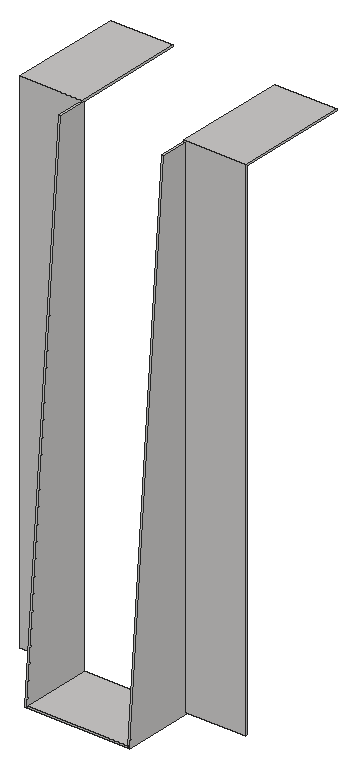
Revit family "050523 - Metal fastenings - Joist Hanger - Generic", category Generic Models, Revit 2020
Family settings
  Can host rebar = No
  Round Connector Dimension = Use Diameter
  Part Type = Normal
  Work Plane-Based = Yes
  Always vertical = No
  Cut with Voids When Loaded = No
  Shared = No
  Room Calculation Point = No
Parameters (values of type "DHU3.56/18TF")
  W = 0' - 3 9/16"
  Top of Side Flange = 0' - 1"
  Top Hanger Flange - Visibility = yes
  Top Hanger Flange - Mid - Visibility = no
  Outside Flange - Visibility = yes
  Material = SIMPSON HUC46 JOIST HANGER WITH CONCEALED FLANGES - PAINTED DARK GRAY
  Inside Flange - Visibility = no
  Top Hanger Depth = 0' - 3 15/16"
  Height of Face Plate = 1' - 5 15/16"
  H = 1' - 5 15/16"
  Flange - Outside - Width = 0' - 2 3/16"
  Flange - Inside - Width = 0' - 1"
  Face Plate - Mid - Visibility = no
  Default Elevation = 4' - 0"
  B = 0' - 2 1/2"
Types (5): name | W | Top of Side Flange | Top Hanger Flange - Visibility | Top Hanger Flange - Mid - Visibility | Outside Flange - Visibility | Material | Inside Flange - Visibility | Top Hanger Depth | Height of Face Plate | H | Flange - Outside - Width | Flange - Inside - Width | Face Plate - Mid - Visibility | B
  HUC46 | 0' - 5 9/16" | 0' - 2 1/2" | yes | yes | yes | SIMPSON HUCQ1.81/11-SDS W/ CONCEALED FLANGES - PAINTED DARK GRAY | no | 0' - 2 7/8" | 0' - 6 3/4" | 1' - 2" | 0' - 3 7/32" | 0' - 1 1/4" | yes | 0' - 6"
  DHU3.56/18TF | 0' - 3 9/16" | 0' - 1" | yes | no | yes | SIMPSON HUC46 JOIST HANGER WITH CONCEALED FLANGES - PAINTED DARK GRAY | no | 0' - 3 15/16" | 1' - 5 15/16" | 1' - 5 15/16" | 0' - 2 3/16" | 0' - 1" | no | 0' - 2 1/2"
  HUCQ1.81/11-SDS | 0' - 1 13/16" | 0' - 1" | no | no | no | SIMPSON HUCQ1.81/11-SDS W/ CONCEALED FLANGES - PAINTED DARK GRAY | yes | 0' - 7" | 0' - 11" | 0' - 11" | 0' - 1 3/4" | 0' - 1 1/4" | no | 0' - 3"
  HUCQ1.81/9-SDS | 0' - 1 13/16" | 0' - 1" | no | no | no | SIMPSON HUC46 JOIST HANGER WITH CONCEALED FLANGES - PAINTED DARK GRAY | yes | 0' - 7" | 0' - 9" | 0' - 9" | 0' - 1 3/4" | 0' - 1 1/4" | no | 0' - 3"
  HGTLV5.514 | 0' - 5 9/16" | 0' - 6" | yes | yes | yes | SIMPSON HUCQ1.81/11-SDS W/ CONCEALED FLANGES - PAINTED DARK GRAY | no | 0' - 2 7/8" | 0' - 6 3/4" | 1' - 2" | 0' - 3 7/32" | 0' - 1 1/4" | yes | 0' - 6"
Reference planes (in)
  plane 1 "Center (Front/Back)": y = 0
  plane 2: z = 0
  plane 3 "Center (Left/Right)": x = 0
  plane 4 "TOP BEARING": z = 17.9375
  plane 5: x = -1.78125
  plane 6: x = 1.78125
  plane 7: y = -2.5
  plane 8: x = -0.78125
  plane 9: x = 0.78125
  plane 10: y = 3.9375
  plane 11: x = 3.96875
  plane 12: x = -3.96875
  plane 13: y = -1
  plane 14: z = 0
Forms (in)
  Extrusion 1, solid, material "SIMPSON HUC46 JOIST HANGER WITH CONCEALED FLANGES - PAINTED DARK GRAY" <- "Material"
    sketch origin (1.78125, 6.55164, 48) x (0, 1, 0) y (0, 0, 1)
      loop
        line (-6.55164, -30.0625) -> (-7.55164, -30.0625) -> (-9.05164, -48.0625) -> (-6.55164, -48.0625) -> (-6.55164, -30.0625)
    from 0.0625 to 0
  Extrusion 2, solid, material "SIMPSON HUC46 JOIST HANGER WITH CONCEALED FLANGES - PAINTED DARK GRAY" <- "Material"
    sketch origin (-1.78125, 0, 0) x (0, 1, 0) y (-1, 0, 0)
      loop
        line (-2.5, 0) -> (-2.5, -3.5625) -> (0, -3.5625) -> (0, 0) -> (-2.5, 0)
    from 0 to -0.0625
  Extrusion 3, solid, material "SIMPSON HUC46 JOIST HANGER WITH CONCEALED FLANGES - PAINTED DARK GRAY" <- "Material", visible <- "Inside Flange - Visibility"
    sketch origin (0, 0, 0) x (1, 0, 0) y (0, 0, 1)
      loop
        line (-1.78125, 17.9375) -> (-1.78125, 0) -> (-0.78125, 0) -> (-0.78125, 17.9375) -> (-1.78125, 17.9375)
    from 0.0625 to 0
  Extrusion 4, solid, material "SIMPSON HUC46 JOIST HANGER WITH CONCEALED FLANGES - PAINTED DARK GRAY" <- "Material", visible <- "Inside Flange - Visibility"
    sketch origin (0, 0, 0) x (1, 0, 0) y (0, 0, 1)
      loop
        line (1.78125, 17.9375) -> (0.78125, 17.9375) -> (0.78125, 0) -> (1.78125, 0) -> (1.78125, 17.9375)
    from 0.0625 to 0
  Extrusion 5, solid, material "SIMPSON HUC46 JOIST HANGER WITH CONCEALED FLANGES - PAINTED DARK GRAY" <- "Material"
    sketch origin (-1.78125, 6.91604, 48) x (0, 1, 0) y (0, 0, 1)
      loop
        line (-6.91604, -30.0625) -> (-7.91604, -30.0625) -> (-9.41604, -48.0625) -> (-6.91604, -48.0625) -> (-6.91604, -30.0625)
    from -0.0625 to 0
  Extrusion 6, solid, material "SIMPSON HUC46 JOIST HANGER WITH CONCEALED FLANGES - PAINTED DARK GRAY" <- "Material", visible <- "Top Hanger Flange - Visibility"
    sketch origin (-5.8794, -180, 17.9375) x (-1, 0, 0) y (0, -1, 0)
      loop
        line (-4.09815, -179.9375) -> (-4.09815, -183.9375) -> (-1.91065, -183.9375) -> (-1.91065, -179.9375) -> (-4.09815, -179.9375)
    from 0 to 0.0625
  Extrusion 7, solid, material "SIMPSON HUC46 JOIST HANGER WITH CONCEALED FLANGES - PAINTED DARK GRAY" <- "Material", visible <- "Top Hanger Flange - Visibility"
    sketch origin (2, 0, 17.9375) x (-1, 0, 0) y (0, -1, 0)
      loop
        line (-1.96875, 0.0625) -> (-1.96875, -3.9375) -> (0.21875, -3.9375) -> (0.21875, 0.0625) -> (-1.96875, 0.0625)
    from 0 to 0.0625
  Extrusion 8, solid, material "SIMPSON HUC46 JOIST HANGER WITH CONCEALED FLANGES - PAINTED DARK GRAY" <- "Material", visible <- "Top Hanger Flange - Visibility"
    sketch origin (1.38969, 0, 0) x (1, 0, 0) y (0, 0, 1)
      loop
        line (2.57906, 17.9375) -> (0.39156, 17.9375) -> (0.39156, 0) -> (2.57906, 0) -> (2.57906, 17.9375)
    from 0.0625 to 0
  Extrusion 9, solid, material "SIMPSON HUC46 JOIST HANGER WITH CONCEALED FLANGES - PAINTED DARK GRAY" <- "Material", visible <- "Top Hanger Flange - Visibility"
    sketch origin (-3.53046, 0, 0) x (1, 0, 0) y (0, 0, 1)
      loop
        line (1.74921, 17.9375) -> (-0.43829, 17.9375) -> (-0.43829, 0) -> (1.74921, 0) -> (1.74921, 17.9375)
    from 0.0625 to 0
  Extrusion 10, solid, material "SIMPSON HUC46 JOIST HANGER WITH CONCEALED FLANGES - PAINTED DARK GRAY" <- "Material", visible <- "Top Hanger Flange - Mid - Visibility"
    sketch origin (-1.5, 0, 17.9375) x (-1, 0, 0) y (0, -1, 0)
      loop
        line (-3.28125, 0.0625) -> (-3.28125, -3.9375) -> (0.28125, -3.9375) -> (0.28125, 0.0625) -> (-3.28125, 0.0625)
    from 0 to 0.0625
  Extrusion 11, solid, material "SIMPSON HUC46 JOIST HANGER WITH CONCEALED FLANGES - PAINTED DARK GRAY" <- "Material", visible <- "Face Plate - Mid - Visibility"
    sketch origin (-2.04513, 0, 0) x (1, 0, 0) y (0, 0, 1)
      loop
        line (3.82638, 17.9375) -> (0.26388, 17.9375) -> (0.26388, 0) -> (3.82638, 0) -> (3.82638, 17.9375)
    from 0.0625 to 0
Cuts and joins
  joined: Extrusion 7, Extrusion 8
  joined: Extrusion 6, Extrusion 9
  joined: Extrusion 1, Extrusion 5
Dimensions and locks (in)
  "H": plane 4 "TOP BEARING" to level
  equal spacing: plane 5, plane 3 "Center (Left/Right)", plane 6
  "B": plane 7 to plane 1 "Center (Front/Back)"
  "W": plane 5 to plane 6
  "Flange - Inside - Width": plane 5 to plane 8
  "Flange - Inside - Width": plane 9 to plane 6
  "Top Hanger Depth": plane 1 "Center (Front/Back)" to plane 10
  "Flange - Outside - Width": plane 12 to plane 5
  "Flange - Outside - Width": plane 6 to plane 11
  "Top of Side Flange": plane 1 "Center (Front/Back)" to plane 13
  "Height of Face Plate": plane 4 "TOP BEARING" to plane 14
  plane 12 to plane 11 = 0' - 7 15/16"
  plane 5 to plane 6 = 0' - 3 9/16"
  aligned and locked: plane 2 to level
  aligned and locked: Extrusion 2 to plane 5
  aligned and locked: plane 6 to Extrusion 2
  aligned and locked: Extrusion 2 to plane 7
  aligned and locked: Extrusion 2 to plane 1 "Center (Front/Back)"
  aligned and locked: plane 8 to Extrusion 3
  aligned and locked: Extrusion 4 to plane 9
  aligned and locked: Extrusion 6 to plane 5
  aligned and locked: plane 10 to Extrusion 6
  aligned and locked: plane 6 to Extrusion 7
  aligned and locked: plane 11 to Extrusion 7
  aligned and locked: Extrusion 6 to plane 12
  aligned and locked: Extrusion 8 to plane 6
  aligned and locked: plane 11 to Extrusion 8
  aligned and locked: plane 5 to Extrusion 9
  aligned and locked: Extrusion 9 to plane 12
  aligned and locked: plane 6 to Extrusion 10
  aligned and locked: Extrusion 10 to plane 5
  aligned and locked: plane 14 to Extrusion 9 sketch curve
  aligned and locked: plane 14 to Extrusion 8 sketch curve
  aligned and locked: Extrusion 11 sketch curve to plane 5
  aligned and locked: Extrusion 11 sketch curve to plane 6
Automatic sketch dimensions
  Extrusion 2 sketch curve to plane 6 = 0' - 0"
  Extrusion 2 sketch curve to plane 7 = 0' - 0"
  plane 1 "Center (Front/Back)" to Extrusion 2 sketch curve = 0' - 0"
  Extrusion 2 sketch curve to plane 5 = 0' - 0"
  Extrusion 3 sketch curve to level = 0' - 0"
  Extrusion 3 sketch curve to plane 5 = 0' - 0"
  Extrusion 3 sketch curve to plane 8 = 0' - 0"
  Extrusion 3 sketch curve to plane 4 "TOP BEARING" = 0' - 0"
  Extrusion 4 sketch curve to plane 4 "TOP BEARING" = 0' - 0"
  Extrusion 4 sketch curve to plane 9 = 0' - 0"
  Extrusion 4 sketch curve to plane 6 = 0' - 0"
  Extrusion 4 sketch curve to level = 0' - 0"
  Extrusion 6 sketch curve to plane 5 = 0' - 0"
  Extrusion 6 sketch curve to plane 10 = 0' - 0"
  Extrusion 6 sketch curve to plane 12 = 0' - 0"
  plane 1 "Center (Front/Back)" to Extrusion 6 sketch curve = 0' - 0 1/16"
  Extrusion 7 sketch curve to plane 10 = 0' - 0"
  Extrusion 7 sketch curve to plane 11 = 0' - 0"
  Extrusion 7 sketch curve to plane 6 = 0' - 0"
  plane 1 "Center (Front/Back)" to Extrusion 7 sketch curve = 0' - 0 1/16"
  Extrusion 8 sketch curve to plane 4 "TOP BEARING" = 0' - 0"
  Extrusion 8 sketch curve to plane 6 = 0' - 0"
  Extrusion 8 sketch curve to plane 11 = 0' - 0"
  Extrusion 9 sketch curve to plane 4 "TOP BEARING" = 0' - 0"
  Extrusion 9 sketch curve to plane 5 = 0' - 0"
  Extrusion 10 sketch curve to plane 6 = 0' - 0"
  Extrusion 10 sketch curve to plane 5 = 0' - 0"
  Extrusion 10 sketch curve to plane 10 = 0' - 0"
  plane 1 "Center (Front/Back)" to Extrusion 10 sketch curve = 0' - 0 1/16"
  Extrusion 11 sketch curve to plane 4 "TOP BEARING" = 0' - 0"
  Extrusion 11 sketch curve to plane 14 = 0' - 0"
  Extrusion 9 sketch curve to plane 12 = 0' - 0"
  Extrusion 5 sketch curve to plane 4 "TOP BEARING" = 0' - 0"
  Extrusion 5 sketch curve to plane 13 = 0' - 0"
  Extrusion 5 sketch curve to plane 1 "Center (Front/Back)" = 0' - 0"
  Extrusion 5 sketch curve to level = 0' - 0 1/16"
  Extrusion 5 sketch curve to plane 7 = 0' - 0"
  Extrusion 1 sketch curve to plane 13 = 0' - 0"
  Extrusion 1 sketch curve to plane 1 "Center (Front/Back)" = 0' - 0"
  Extrusion 1 sketch curve to plane 4 "TOP BEARING" = 0' - 0"
  Extrusion 1 sketch curve to plane 7 = 0' - 0"
  Extrusion 1 sketch curve to level = 0' - 0 1/16"
